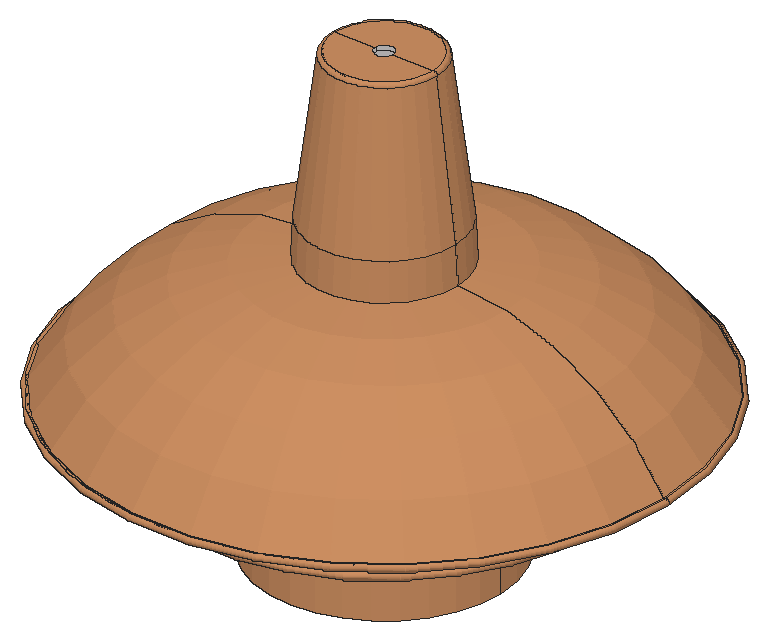
Revit family "AT16 SHADE", category Lighting Fixtures, Revit 2024
Family settings
  Round Connector Dimension = Use Diameter
  Part Type = Normal
  OmniClass Number = 23.80.70.00
  OmniClass Title = Lighting
  Work Plane-Based = No
  Always vertical = Yes
  Cut with Voids When Loaded = No
  Light Source = Yes
  Maintain Annotation Orientation = No
  Shared = No
  Room Calculation Point = No
Parameters
  Wattage = 12.1178 W
  built-in parameter 1150110 = 1 (stored number, unit not read)
  built-in parameter 1114217 = 1 (stored number, unit not read)
  built-in parameter 1150109 = 1 (stored number, unit not read)
  built-in parameter 1150134 = (empty or 0)
  built-in parameter 1150113 = 1 (stored number, unit not read)
  Lumens = 1800 lm
  built-in parameter 1150115 = 1 (stored number, unit not read)
  built-in parameter 1150105 = 572.96 (stored number, unit not read)
  Light Source Symbol Size = 2' - 0"
  built-in parameter 1150137 = (empty or 0)
  built-in parameter 1150139 = (empty or 0)
  built-in parameter 1150112 = 1 (stored number, unit not read)
  built-in parameter 1150114 = 1 (stored number, unit not read)
  built-in parameter 1150132 = 2
  built-in parameter 1150102 = (empty or 0)
  built-in parameter 1150138 = (empty or 0)
  built-in parameter 1150107 = 3000 (stored number, unit not read)
  built-in parameter 1150106 = 5.7296 (stored number, unit not read)
  built-in parameter 1150104 = 13.8 (stored number, unit not read)
  Dimming Lamp Color Temperature Shift = (empty or 0)
  Default Elevation = 0' - 0"
  Color Filter = 16777215
  built-in parameter 1114218 = 1 (stored number, unit not read)
  built-in parameter 1150133 = 10 (stored number, unit not read)
Reference planes (in)
  plane 1 "Light Source Axis (F/B)": y = 0
  plane 2: z = 0
  plane 3 "Light Source Axis (L/R)": x = 0
  plane 4 "Light Source Elevation": z = 84
Forms (in)
  Revolve 1, solid
    sketch origin (0, 0, 0) x (1, 0, 0) y (0, 0, 1)
      loop
        line (-0.25, 96.2604) -> (-0.25, 96.35415) -> (-1.36214, 96.35415)
        arc (-1.36214, 96.35415) -> (-1.43353, 96.32458) -> (-1.4631, 96.25319) r 0.10096
        line (-1.4631, 96.25319) -> (-1.98536, 92.22915) -> (-2.03125, 91.22915)
        arc (-2.03125, 91.22915) -> (-5.32797, 90.34703) -> (-7.76759, 87.96067) r 6.72708
        line (-7.76759, 87.96067) -> (-7.81995, 87.96067)
        arc (-7.81995, 87.96067) -> (-7.90202, 87.83762) -> (-7.75688, 87.80915) r 0.08889
        arc (-7.75688, 87.80915) -> (-5.30091, 90.26353) -> (-1.94145, 91.14093) r 6.63333
        line (-1.94145, 91.14093) -> (-1.89189, 92.22096) -> (-1.36763, 96.2604) -> (-0.25, 96.2604)
      loop
        line (-5.81557, 86.7) -> (-5.9, 86.7)
        arc (-5.9, 86.7) -> (-6, 86.6) -> (-5.9, 86.5) r 0.1
        line (-5.9, 86.5) -> (-5.84138, 86.5) -> (-5.74224, 86.64158)
        arc (-5.74224, 86.64158) -> (-4.26238, 88.14128) -> (-2.50005, 89.29597) r 9.95556
        line (-2.50005, 89.29597) -> (-2.54285, 89.37938)
        arc (-2.54285, 89.37938) -> (-4.32177, 88.21382) -> (-5.81557, 86.7) r 10.04931
      loop
        line (-3.25, 87.7829) -> (-3.25, 84) -> (-3.15625, 84) -> (-3.15625, 87.7829) -> (-3.25, 87.7829)
      axis (0, 84) -> (0, 96.35415)
    angle from 0 to 360
Dimensions and locks (in)
  plane 4 "Light Source Elevation" to plane 2 = 7' - 0"
  aligned and locked: plane 3 "Light Source Axis (L/R)" to imposter light
  aligned and locked: plane 1 "Light Source Axis (F/B)" to imposter light
  aligned and locked: level to plane 2
